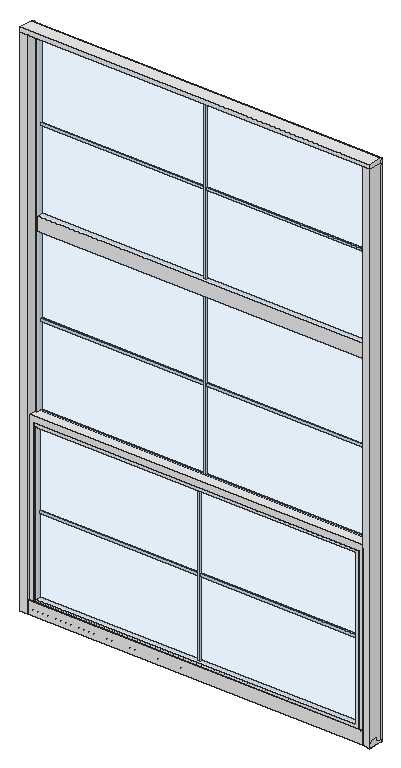
Revit family "Window_Curtain_Wall-Single_Hung-Traco-TR_9103-Heavy_Commercial", category Windows, Revit 2015
Parameters (values of type "TR-9103 - SH/Fixed-Top - Single Glazed")
  Window Width [instance] = if(CTRL Opening Width - Window Right Inset - Window Left Inset < Width Minimum, Width Minimum, if(CTRL Opening Width - Window Right Inset - Window Left Inset > Width Maximum, Width Maximum, CTRL Opening Width - Window Right Inset - Window Left Inset))  # 6' - 8 1/4"
  Window Top Inset [instance] = 0' - 0"
  Window Right Inset [instance] = 0' - 0"
  Window Muntin Type [instance] = Muntin-Grid-Traco-Lites : Interior
  Window Left Inset [instance] = 0' - 0"
  Window Height [instance] = if(CTRL Opening Height - Window Top Inset - Window Bottom Inset < Height Minimum, Height Minimum, if(CTRL Opening Height - Window Bottom Inset - Window Top Inset > Height Maximum, Height Maximum, CTRL Opening Height - Window Top Inset - Window Bottom Inset))  # 10' - 0"
  Window Bottom Inset [instance] = 0' - 0"
  Width Minimum = 2' - 0"
  Width Maximum = 10' - 0"
  Water Resistance = 15.0000 psf
  Uniform Load Structural = 75.0000 psf
  Uniform Load Deflection = 50.0000 psf
  URL = "http://www.alcoa.com/traco/en/home.asp"
  U Factor = ".45 Per NFRC 100"
  Type Comments = "Single Hung 3-Lite Single Glazed"
  Test Size = "60\" X 99\""
  Sill Width = 0' - 3 1/2"
  Show Sill and Head [instance] = yes
  Screen Width [instance] = Window Width - (0' 1 3/4" * 2)  # 6' - 4 3/4"
  Screen Material = Aluminum - Traco - Screen
  Screen Height [instance] = CTRL Sash Bottom Height - (Rail Width / 2) - 0' 0 1/4"  # 3' - 2 3/4"
  Sash Bottom Height [instance] = 1' - 6"
  Rail Width = 0' - 2"
  Product data url = "https://bimobject.com/kawneerna/product/91004"
  Product Page URL = "http://www.alcoa.com/traco/en/product.asp?cat_id=1905&prod_id=4193"
  Product Documentation Link = "http://www.alcoa.com/traco/cad/4193/010_CAD%20Files/010.pdf"
  Model = "TR-9103"
  Manufacturer = "Traco"  # constant formula
  Keynote = "08500"
  Height Minimum = 2' - 0"
  Height Maximum = 10' - 0"
  Head Width = 0' - 1"
  Head Extension Right [instance] = 0' - 0"
  Head Extension Left [instance] = 0' - 0"
  Has Window Screen [instance] = no
  Has Unequal Sash [instance] = no
  Has Muntins = no
  Has Flange Frame [instance] = no
  Glazing Thickness = 0' - 0 1/4"
  Glazing Material = Glass - Traco - Clear
  Frame Material = Aluminum - Traco - Anodized - Gray
  Forced Entry Resistance = "TYPE A: GRADE 10"
  Designation = "AAMA/WDMA/CSA 101/I.S.2/A-440-05: H-AW50 And AAMA/WDMA/CSA 101/I.S.2/A-440-08: AW-PG50-H"
  Description = "Heavy Commercial, Single Hung, Side Load"  # constant formula
  Depth = 0' - 3 1/4"
  Copyright © = "2011 Traco"  # constant formula
  Condensation Resistance = 0.0000 psf
  CTRL Sash Bottom Height [instance] = if(Has Unequal Sash, Sash Bottom Height, Window Height / 3)  # 3' - 4"
  Interior Offset [instance] = 0' - 6"
  CTRL Opening Width [instance] = 6' - 8 1/4"
  CTRL Opening Height [instance] = 10' - 1"
  CTRL Head Right Extension [instance] = if(Has Flange Frame, 0' 0", Head Extension Right)  # 0' - 0"
  CTRL Head Left Extension [instance] = if(Has Flange Frame, 0' 0", Head Extension Left)  # 0' - 0"
  CTRL Flange Width [instance] = if(Has Flange Frame, 0' 2", 0' 0")  # 0' - 0"
  Exterior Offset [instance] = 0' - 6"
  Assembly Code = "B2020110"
  Allowable Air Infiltration Maximum = "0.3 @ 6.2 PSF"
Reference planes (in)
  plane 1 "Front": y = 0
  plane 2 "Original Ref. Plane": z = 0
  plane 3 "Center (Left/Right)": x = 0
  plane 4 "Left": x = -40.125
  plane 5 "Right": x = 40.125
  plane 6 "Top": z = 121
  plane 7 "Window Interior Offset": y = -6
  plane 8 "Window Center F/B": y = 0
  plane 9 "Exterior/Back": y = 1.625
  plane 10 "Interior/Front": y = -1.625
  plane 11 "Window Left": x = -40.125
  plane 12 "Window Right": x = 40.125
  plane 13 "Window Top": z = 120
  plane 14 "Flange Top": z = 120
  plane 15 "Head Bottom": z = 119
  plane 16 "Glass Pocket Bottom": z = 118.437
  plane 17 "Meeting Rail Center T/B": z = 40
  plane 18 "Meeting Rail Top": z = 41
  plane 19 "Meeting Rail Bottom": z = 39
  plane 20 "Top Astragal Center T/B": z = 79.7185
  plane 21 "Bottom Muntin Center T/B": z = 21.25
  plane 22 "Bottom Sash Glass B": z = 3.5
  plane 23 "Sash Frame Bottom": z = 2.937
  plane 24 "Bottom Glass Interior": y = -0.861
  plane 25 "Bottom Glass Exterior": y = -0.611
  plane 26 "Top Glass Exterior": y = 1.098
  plane 27 "Top Glass Interior": y = 0.848
  plane 28 "Frame Left": x = -38.3648
  plane 29 "Frame Right": x = 38.3648
  plane 30 "Flange Bottom": z = 0
  plane 31 "Flange Right": x = 40.125
  plane 32 "Flange Left": x = -40.125
  plane 33 "Flange Thickness": y = 1.5625
  plane 34 "Sill Slope Bottom": z = 0.24
  plane 35 "Sill Slope Top": z = 0.6811
  plane 36 "Sill Top": z = 1.3611
  plane 37 "Bottom Sash Exterior": y = 0.155
  plane 38 "Frame Right Inset": x = 36.75
  plane 39 "Frame Left Inset": x = -36.75
  plane 40 "Bottom Glass Interior Offset": y = -1.361
  plane 41 "Bottom Glass Exterior Offset": y = -0.111
  plane 42 "Top Glass Exterior Offset": y = 1.598
  plane 43 "Top Glass Interior Offset": y = 0.348
  plane 44 "Bottom Glass T": z = 39.563
  plane 45 "Top Glass B": z = 40.437
  plane 46 "Top Frame Right Inset": x = 37.8018
  plane 47 "Top Frame Left Inset": x = -37.8018
  plane 48 "Bottom Frame Right Inset": x = 37.313
  plane 49 "Bottom Frame Left Inset": x = -37.313
  plane 50 "Top Glass Center F/B": y = 0.973
  plane 51 "Bottom Glass Center F/B": y = -0.736
  plane 52 "Sill/Head Left Extension": x = -40.125
  plane 53 "Sill/Head Right Extension": x = 40.125
  plane 54 "Interior/Front Inset": y = -1.5625
  plane 55 "Window Bottom": z = 0
  plane 56 "Middle Muntin Center T/B": z = 60.35925
  plane 57 "Top Muntin Center T/B": z = 99.07775
  plane 58 "Top Astragal Top": z = 81.2185
  plane 59 "Top Astragal Bottom": z = 78.2185
  plane 60 "Window Center (Left/Right)": x = 0
Forms (in)
  Sweep 1, solid, material "Aluminum - Traco - Anodized - Gray" <- "Frame Material"
    path origin (0, 0, 0.125) x (-1, 0, 0) y (0, 0, 1)
      loop
        line (0, -0.125) -> (0, 118.875)
    profile origin (0, 0, 59.5) x (1, 0, 0) y (0, 1, 0)
      loop
        line (-38.3648, -1.625) -> (-38.3648, 1.5625) -> (-40.125, 1.5625) -> (-40.125, -1.625) -> (-38.3648, -1.625)
      loop
        line (38.3648, -1.625) -> (40.125, -1.625) -> (40.125, 1.5625) -> (38.3648, 1.5625) -> (38.3648, -1.625)
  Sweep 2, solid, material "Aluminum - Traco - Anodized - Gray" <- "Frame Material"
    path origin (0, 0, 0) x (-1, 0, 0) y (0, 0, 1)
      loop
        line (-40.125, 0.24) -> (40.125, 0.24)
    profile origin (0, 0, 0.24) x (0, 0, 1) y (0, 1, 0)
      loop
        line (1.1211, -1.5625) -> (1.1211, 0.155) -> (0.4411, 0.155) -> (0.01875, 1.5625) -> (-0.24, 1.5625) -> (-0.24, -1.5625) -> (1.1211, -1.5625)
  Sweep 3, solid, material "Aluminum - Traco - Anodized - Gray" <- "Frame Material"
    path origin (-1.19115, 0, 71.94551) x (-1, 0, 0) y (0, 0, 1)
      loop
        line (-41.31615, 47.05449) -> (38.93385, 47.05449)
    profile origin (0, 0, 119) x (0, 0, 1) y (0, 1, 0)
      loop
        line (0, 1.5625) -> (0, -1.625) -> (1, -1.625) -> (1, 1.5625) -> (0, 1.5625)
  Sweep 4, solid, material "Aluminum - Traco - Anodized - Gray" <- "Frame Material"
    path origin (3.54143, 0, -0.40863) x (1, 0, 0) y (0, 0, 1)
      loop
        line (-3.54143, 0.64863) -> (-3.54143, 119.40863)
    profile origin (0, 0, 59.62) x (-1, 0, 0) y (0, -1, 0)
      loop
        line (38.3648, -1.5625) -> (38.3648, -1.625) -> (40.125, -1.625) -> (40.125, -1.5625) -> (38.3648, -1.5625)
      loop
        line (-38.3648, -1.5625) -> (-40.125, -1.5625) -> (-40.125, -1.625) -> (-38.3648, -1.625) -> (-38.3648, -1.5625)
  Sweep 5, solid, material "Aluminum - Traco - Anodized - Gray" <- "Frame Material", visible <- "Show Sill and Head"
    path origin (-0.2639, 0, -1.58341) x (-1, 0, 0) y (0, 0, 1)
      loop
        line (-40.3889, 1.58341) -> (39.8611, 1.58341)
    profile origin (0, 0, 0) x (0, 0, 1) y (0, 1, 0)
      loop
        line (0, 1.625) -> (0, 1.5625) -> (0.25875, 1.5625) -> (0.24, 1.625) -> (0, 1.625)
  Sweep 6, solid, material "Aluminum - Traco - Anodized - Gray" <- "Frame Material", visible <- "Show Sill and Head"
    path origin (-1.31088, 0, 70.30922) x (-1, 0, 0) y (0, 0, 1)
      loop
        line (-41.43588, 49.69078) -> (38.81412, 49.69078)
    profile origin (0, 0, 120) x (0, 0, 1) y (0, 1, 0)
      loop
        line (-1, 1.625) -> (-1, 1.5625) -> (0, 1.5625) -> (0, 1.625) -> (-1, 1.625)
  Sweep 7, solid, material "Aluminum - Traco - Anodized - Gray" <- "Frame Material"
    path origin (-0.05903, 0, 2.24309) x (-1, 0, 0) y (0, 0, 1)
      loop
        line (-38.42383, 0.69391) -> (38.30577, 0.69391)
    profile origin (0, 0, 2.937) x (0, 0, 1) y (0, 1, 0)
      loop
        line (-1.5759, 0.155) -> (-1.5759, -1.5625) -> (0, -1.5625) -> (0, 0.155) -> (-1.5759, 0.155)
  Sweep 8, solid, material "Aluminum - Traco - Anodized - Gray" <- "Frame Material", detail levels medium+fine
    path origin (0, -1.361, 0) x (-1, 0, 0) y (0, 0, 1)
      loop
        line (-36.75, 3.5) -> (36.75, 3.5) -> (36.75, 39) -> (-36.75, 39) -> (-36.75, 3.5)
    profile origin (0, -1.361, 3.5) x (0, 0, 1) y (0, 1, 0)
      loop
        line (-0.563, 0) -> (0, 0) -> (0, 1.25) -> (-0.563, 1.25) -> (-0.563, 0)
  Extrusion 9, solid, material "Glass - Traco - Clear" <- "Glazing Material"
    sketch origin (0, 0, 0) x (1, 0, 0) y (0, 0, 1)
      loop
        line (38.3648, 39.563) -> (-38.3648, 39.563) -> (-38.3648, 2.937) -> (38.3648, 2.937) -> (38.3648, 39.563)
    from 0.611 to 0.861
  Sweep 10, solid, material "Aluminum - Traco - Anodized - Gray" <- "Frame Material", detail levels medium+fine
    path origin (0, 1.598, 0) x (-1, 0, 0) y (0, 0, 1)
      loop
        line (-37.8018, 41) -> (-37.8018, 118.437) -> (37.8018, 118.437) -> (37.8018, 41)
    profile origin (0, 1.598, 118.437) x (0, 0, 1) y (0, 1, 0)
      loop
        line (0, -1.25) -> (0.563, -1.25) -> (0.563, 0) -> (0, 0) -> (0, -1.25)
  Extrusion 11, solid, material "Glass - Traco - Clear" <- "Glazing Material"
    sketch origin (-3, 0, 39) x (1, 0, 0) y (0, 0, 1)
      loop
        line (41.3648, 80) -> (-35.3648, 80) -> (-35.3648, 2) -> (41.3648, 2) -> (41.3648, 80)
    from -1.098 to -0.848
  Sweep 12, solid, material "Aluminum - Traco - Anodized - Gray" <- "Frame Material"
    path origin (0, 0, 0) x (1, 0, 0) y (0, 0, 1)
      loop
        line (38.3648, 40) -> (-38.3648, 40)
    profile origin (0, 0, 40) x (0, 0, -1) y (0, -1, 0)
      loop
        line (-1, 1.361) -> (-1, -1.598) -> (1, -1.598) -> (1, 0.111) -> (0.437, 0.111) -> (0.437, 1.361) -> (-1, 1.361)
  Sweep 13, solid, material "Aluminum - Traco - Anodized - Gray" <- "Frame Material"
    path origin (0.15765, 0, -0.40863) x (1, 0, 0) y (0, 0, 1)
      loop
        line (-0.15765, 1.76973) -> (-0.15765, 39.97163)
    profile origin (0, 0, 20.46205) x (-1, 0, 0) y (0, -1, 0)
      loop
        line (37.313, 1.361) -> (37.313, -0.155) -> (38.3648, -0.155) -> (38.3648, 1.361) -> (37.313, 1.361)
      loop
        line (-37.313, 1.361) -> (-38.3648, 1.361) -> (-38.3648, -0.155) -> (-37.313, -0.155) -> (-37.313, 1.361)
  Sweep 14, solid, material "Aluminum - Traco - Anodized - Gray" <- "Frame Material"
    path origin (0, 0, -0.00501) x (-1, 0, 0) y (0, 0, 1)
      loop
        line (-38.3648, 2.94201) -> (38.3648, 2.94201)
    profile origin (0, 0, 2.937) x (0, 0, 1) y (0, 1, 0)
      loop
        line (0, -1.625) -> (0, -1.5625) -> (-2.937, -1.5625) -> (-2.937, -1.625) -> (0, -1.625)
  Sweep 15, solid, material "Aluminum - Traco - Anodized - Gray" <- "Frame Material"
    path origin (-14.71042, 0, 16.46689) x (1, 0, 0) y (0, 0, 1)
      loop
        line (52.51222, 63.25161) -> (-23.09138, 63.25161)
    profile origin (0, 0, 79.7185) x (0, 0, -1) y (0, -1, 0)
      loop
        line (-1.5, -0.348) -> (-1.5, -1.598) -> (1.5, -1.598) -> (1.5, -0.348) -> (-1.5, -0.348)
Cuts and joins
  joined: Sweep 7, Sweep 12, Sweep 13
  joined: Sweep 2, Sweep 14
Lines and regions (in)
  Masking region 1
    outline origin (0, 0, 0) x (-1, 0, 0) y (0, 0, 1)
      loop
        line (-40.125, 119) -> (-40.125, 0.24) -> (-38.3648, 0.24) -> (-38.3648, 119) -> (-40.125, 119)
      loop
        line (38.3648, 0.24) -> (40.125, 0.24) -> (40.125, 119) -> (38.3648, 119) -> (38.3648, 0.24)
  Masking region 2, visible <- "Show Sill and Head"
    outline origin (0, 0, 0) x (-1, 0, 0) y (0, 0, 1)
      loop
        line (-40.125, 120) -> (-40.125, 119) -> (40.125, 119) -> (40.125, 120) -> (-40.125, 120)
      loop
        line (40.125, 0) -> (40.125, 0.24) -> (-40.125, 0.24) -> (-40.125, 0) -> (40.125, 0)
  Masking region 3
    outline origin (0, 0, 0) x (-1, 0, 0) y (0, 0, 1)
      loop
        line (-38.3648, 41) -> (-38.3648, 39) -> (38.3648, 39) -> (38.3648, 41) -> (-38.3648, 41)
  Masking region 4
    outline origin (0, -1.361, 0) x (-1, 0, 0) y (0, 0, 1)
      loop
        line (-37.313, 2.937) -> (-37.313, 39.563) -> (-38.3648, 39.563) -> (-38.3648, 2.937) -> (-37.313, 2.937)
      loop
        line (37.313, 2.937) -> (38.3648, 2.937) -> (38.3648, 39.563) -> (37.313, 39.563) -> (37.313, 2.937)
  Masking region 5, detail levels medium+fine
    outline origin (0, -0.861, 0) x (-1, 0, 0) y (0, 0, 1)
      loop
        line (-37.313, 39.563) -> (-37.313, 2.937) -> (37.313, 2.937) -> (37.313, 39.563) -> (-37.313, 39.563)
      loop
        line (-36.75, 39) -> (-36.75, 3.5) -> (36.75, 3.5) -> (36.75, 39) -> (-36.75, 39)
  Masking region 6
    outline origin (0, -1.625, 0) x (-1, 0, 0) y (0, 0, 1)
      loop
        line (-38.3648, 2.937) -> (-38.3648, 0.24) -> (38.3648, 0.24) -> (38.3648, 2.937) -> (-38.3648, 2.937)
  Masking region 7, detail levels medium+fine
    outline origin (0, 1.098, 0) x (-1, 0, 0) y (0, 0, 1)
      loop
        line (-38.3648, 119) -> (-38.3648, 40.437) -> (38.3648, 40.437) -> (38.3648, 119) -> (-38.3648, 119)
      loop
        line (-37.8018, 118.437) -> (-37.8018, 41) -> (37.8018, 41) -> (37.8018, 118.437) -> (-37.8018, 118.437)
  Masking region 8
    outline origin (0, 0.848, 0) x (-1, 0, 0) y (0, 0, 1)
      loop
        line (38.3648, 40.437) -> (38.3648, 119) -> (-38.3648, 119) -> (-38.3648, 40.437) -> (38.3648, 40.437)
  Masking region 9
    outline origin (0, -0.611, 0) x (-1, 0, 0) y (0, 0, 1)
      loop
        line (37.313, 2.937) -> (37.313, 39.563) -> (-37.313, 39.563) -> (-37.313, 2.937) -> (37.313, 2.937)
  Masking region 10
    outline origin (0, 0, 0) x (0, 1, 0) y (0, 0, 1)
      loop
        line (1.625, 0) -> (1.625, 120) -> (-1.625, 120) -> (-1.625, 0) -> (1.625, 0)
  Masking region 11
    outline origin (0, 0, 40) x (1, 0, 0) y (0, 1, 0)
      loop
        line (40.125, -1.625) -> (40.125, 1.625) -> (-40.125, 1.625) -> (-40.125, -1.625) -> (40.125, -1.625)
  Split face 1
    outline origin (38.3648, 1.598, 41) x (-1, 0, 0) y (0, -1, 0)
      loop
        line (76.7296, 0.75) -> (0, 0.75)
      loop
        line (76.7296, 1.25) -> (0, 1.25)
  Masking region 12
    outline origin (1.7602, 0, 38.7185) x (-1, 0, 0) y (0, 0, 1)
      loop
        line (-36.0416, 42.5) -> (-36.0416, 39.5) -> (39.562, 39.5) -> (39.562, 42.5) -> (-36.0416, 42.5)
  symbolic lines, style "WindowsFrameMullionProjection", detail levels medium+fine
    curve 1: line (36.75, -0.611, 39) -> (36.75, -0.611, 3.5)
    curve 2: line (36.75, -0.611, 3.5) -> (-36.75, -0.611, 3.5)
    curve 3: line (-36.75, -0.611, 3.5) -> (-36.75, -0.611, 39)
  symbolic lines, style "WindowsSillHeadProjection"
    curve 4: line (0, -1.625, 120) -> (0, 1.625, 120)
    curve 5: line (0, -1.625, 119) -> (0, -1.625, 120)
    curve 6: line (0, 1.625, 119) -> (0, -1.625, 119)
    curve 7: line (0, 1.625, 120) -> (0, 1.625, 119)
    curve 8: line (0, -1.625, 2.937) -> (0, 0.155, 2.937)
    curve 9: line (0, 0.155, 2.937) -> (0, 0.155, 0.6811)
    curve 10: line (0, 0.155, 0.6811) -> (0, 1.625, 0.24)
    curve 11: line (0, 1.625, 0.24) -> (0, 1.625, 0)
    curve 12: line (0, 1.625, 0) -> (0, -1.625, 0)
    curve 13: line (0, -1.625, 0) -> (0, -1.625, 2.937)
  symbolic lines, style "WindowsGlassProjection", detail levels medium+fine
    curve 14: line (0, 0.848, 119) -> (0, 0.848, 81.2185)
    curve 15: line (0, 1.098, 119) -> (0, 1.098, 81.2185)
    curve 16: line (0, -0.861, 39.563) -> (0, -0.861, 2.937)
    curve 17: line (0, -0.611, 39.563) -> (0, -0.611, 2.937)
    curve 52: line (38.3648, 1.098, 40) -> (-38.3648, 1.098, 40)
    curve 53: line (-38.3648, 0.848, 40) -> (38.3648, 0.848, 40)
    curve 55: line (37.313, -0.611, 40) -> (-37.313, -0.611, 40)
    curve 56: line (-37.313, -0.861, 40) -> (37.313, -0.861, 40)
    curve 85: line (0, 0.848, 78.2185) -> (0, 0.848, 40.437)
    curve 87: line (0, 1.098, 78.2185) -> (0, 1.098, 40.437)
  symbolic lines, style "WindowsGlassProjection", detail levels coarse
    curve 18: line (0, 0.973, 119) -> (0, 0.973, 81.2185)
    curve 19: line (0, -0.736, 39.563) -> (0, -0.736, 2.937)
    curve 54: line (-38.3648, 0.973, 40) -> (38.3648, 0.973, 40)
    curve 57: line (-37.313, -0.736, 40) -> (37.313, -0.736, 40)
    curve 86: line (0, 0.973, 78.2185) -> (0, 0.973, 40.437)
  symbolic lines, style "WindowsFrameMullionProjection", detail levels fine
    curve 20: line (0, -1.361, 39.563) -> (0, -1.361, 39)
    curve 21: line (0, -1.361, 39) -> (0, -0.861, 39)
    curve 22: line (0, -0.611, 39) -> (0, -0.111, 39)
    curve 23: line (0, -0.111, 39) -> (0, -0.111, 39.563)
    curve 24: line (0, 0.348, 40.437) -> (0, 0.348, 41)
    curve 25: line (0, 0.348, 41) -> (0, 0.848, 41)
    curve 26: line (0, 1.098, 41) -> (0, 1.598, 41)
    curve 27: line (0, 1.598, 41) -> (0, 1.598, 40.437)
    curve 28: line (0, 0.348, 119) -> (0, 0.348, 118.437)
    curve 29: line (0, 0.348, 118.437) -> (0, 0.848, 118.437)
    curve 30: line (0, 1.098, 118.437) -> (0, 1.598, 118.437)
    curve 31: line (0, 1.598, 118.437) -> (0, 1.598, 119)
    curve 32: line (0, -1.361, 2.937) -> (0, -1.361, 3.5)
    curve 33: line (0, -1.361, 3.5) -> (0, -0.861, 3.5)
    curve 34: line (0, -0.611, 3.5) -> (0, -0.111, 3.5)
    curve 35: line (0, -0.111, 3.5) -> (0, -0.111, 2.937)
    curve 58: line (-38.3648, 1.598, 40) -> (-37.8018, 1.598, 40)
    curve 59: line (-37.8018, 1.598, 40) -> (-37.8018, 1.098, 40)
    curve 60: line (-38.3648, 0.348, 40) -> (-37.8018, 0.348, 40)
    curve 61: line (-37.8018, 0.348, 40) -> (-37.8018, 0.848, 40)
    curve 62: line (38.3648, 0.348, 40) -> (37.8018, 0.348, 40)
    curve 63: line (37.8018, 0.348, 40) -> (37.8018, 0.848, 40)
    curve 64: line (38.3648, 1.598, 40) -> (37.8018, 1.598, 40)
    curve 65: line (37.8018, 1.598, 40) -> (37.8018, 1.098, 40)
    curve 70: line (-37.313, -0.111, 40) -> (-36.75, -0.111, 40)
    curve 71: line (-36.75, -0.111, 40) -> (-36.75, -0.611, 40)
    curve 72: line (-37.313, -1.361, 40) -> (-36.75, -1.361, 40)
    curve 73: line (-36.75, -1.361, 40) -> (-36.75, -0.861, 40)
    curve 78: line (37.313, -0.111, 40) -> (36.75, -0.111, 40)
    curve 79: line (36.75, -0.111, 40) -> (36.75, -0.611, 40)
    curve 80: line (37.313, -1.361, 40) -> (36.75, -1.361, 40)
    curve 81: line (36.75, -1.361, 40) -> (36.75, -0.861, 40)
  symbolic lines, style "WindowsFrameMullionProjection"
    curve 36: line (0, -1.361, 41) -> (0, 0.348, 41)
    curve 37: line (0, 0.348, 41) -> (0, 0.348, 40.437)
    curve 38: line (0, 0.348, 40.437) -> (0, 1.598, 40.437)
    curve 39: line (0, 1.598, 40.437) -> (0, 1.598, 39)
    curve 40: line (0, 1.598, 39) -> (0, -0.111, 39)
    curve 41: line (0, -0.111, 39) -> (0, -0.111, 39.563)
    curve 42: line (0, -0.111, 39.563) -> (0, -1.361, 39.563)
    curve 43: line (0, -1.361, 39.563) -> (0, -1.361, 41)
    curve 44: line (-38.3648, -1.625, 40) -> (-40.125, -1.625, 40)
    curve 45: line (-38.3648, 1.625, 40) -> (-38.3648, -1.625, 40)
    curve 46: line (-40.125, 1.625, 40) -> (-38.3648, 1.625, 40)
    curve 47: line (-40.125, -1.625, 40) -> (-40.125, 1.625, 40)
    curve 48: line (40.125, -1.625, 40) -> (38.3648, -1.625, 40)
    curve 49: line (40.125, 1.625, 40) -> (40.125, -1.625, 40)
    curve 50: line (38.3648, 1.625, 40) -> (40.125, 1.625, 40)
    curve 51: line (38.3648, -1.625, 40) -> (38.3648, 1.625, 40)
    curve 66: line (-37.313, -1.361, 40) -> (-38.3648, -1.361, 40)
    curve 67: line (-37.313, 0, 40) -> (-37.313, -1.361, 40)
    curve 68: line (-38.3648, 0, 40) -> (-37.313, 0, 40)
    curve 69: line (-38.3648, -1.361, 40) -> (-38.3648, 0, 40)
    curve 74: line (37.313, -1.361, 40) -> (38.3648, -1.361, 40)
    curve 75: line (37.313, 0, 40) -> (37.313, -1.361, 40)
    curve 76: line (38.3648, 0, 40) -> (37.313, 0, 40)
    curve 77: line (38.3648, -1.361, 40) -> (38.3648, 0, 40)
    curve 88: line (0, 0.348, 81.2185) -> (0, 1.598, 81.2185)
    curve 89: line (0, 0.348, 78.2185) -> (0, 1.598, 78.2185)
    curve 90: line (0, 1.598, 81.2185) -> (0, 1.598, 78.2185)
    curve 91: line (0, 0.348, 81.2185) -> (0, 0.348, 78.2185)
  symbolic lines, style "Windows", detail levels fine
    curve 82: line (0, 0, 16.375) -> (0, 0, 26.125)
    curve 83: line (0, 0, 26.125) -> (1, 0, 24.39295)
    curve 84: line (0, 0, 26.125) -> (-1, 0, 24.39295)
Text (in)
  text "Exterior" at (-54.29358, 31.38743, 0), in view "Ref. Level"
  text "Exterior" at (480, 41.53993, 89.60405), in view "Right"
  text "Exterior" at (-240, 57.82419, 105.78864), in view "Left"
Dimensions and locks (in)
  equal spacing: plane 4 "Left", plane 3 "Center (Left/Right)", plane 5 "Right"
  "Interior Offset": plane 7 "Window Interior Offset" to plane 1 "Front"
  "Exterior Offset": plane 8 "Window Center F/B" to plane 7 "Window Interior Offset"
  equal spacing: plane 9 "Exterior/Back", plane 8 "Window Center F/B", plane 10 "Interior/Front"
  "Depth": plane 9 "Exterior/Back" to plane 10 "Interior/Front"
  "Head Width": plane 15 "Head Bottom" to plane 13 "Window Top"
  locked: plane 16 "Glass Pocket Bottom" to plane 15 "Head Bottom" at 0.563
  equal spacing: plane 19 "Meeting Rail Bottom", plane 17 "Meeting Rail Center T/B", plane 18 "Meeting Rail Top"
  equal spacing: plane 18 "Meeting Rail Top", plane 20 "Top Astragal Center T/B", plane 16 "Glass Pocket Bottom"
  "Glazing Thickness": plane 24 "Bottom Glass Interior" to plane 25 "Bottom Glass Exterior"
  "Glazing Thickness": plane 27 "Top Glass Interior" to plane 26 "Top Glass Exterior"
  "Rail Width": plane 19 "Meeting Rail Bottom" to plane 18 "Meeting Rail Top"
  locked: plane 29 "Frame Right" to plane 12 "Window Right" at 1.7602
  locked: plane 11 "Window Left" to plane 28 "Frame Left" at 1.7602
  "CTRL Flange Width": plane 12 "Window Right" to plane 31 "Flange Right"
  "CTRL Flange Width": plane 32 "Flange Left" to plane 11 "Window Left"
  "CTRL Flange Width": plane 30 "Flange Bottom" to plane 55 "Window Bottom"
  locked: plane 9 "Exterior/Back" to plane 33 "Flange Thickness" at 0.0625
  locked: plane 55 "Window Bottom" to plane 34 "Sill Slope Bottom" at 0.24
  locked: plane 34 "Sill Slope Bottom" to plane 35 "Sill Slope Top" at 0.4411
  locked: plane 35 "Sill Slope Top" to plane 36 "Sill Top" at 0.68
  "Sill Width": plane 55 "Window Bottom" to plane 22 "Bottom Sash Glass B"
  locked: plane 38 "Frame Right Inset" to plane 12 "Window Right" at 3.375
  locked: plane 11 "Window Left" to plane 39 "Frame Left Inset" at 3.375
  locked: plane 23 "Sash Frame Bottom" to plane 22 "Bottom Sash Glass B" at 0.563
  locked: plane 44 "Bottom Glass T" to plane 19 "Meeting Rail Bottom" at 0.563
  locked: plane 18 "Meeting Rail Top" to plane 45 "Top Glass B" at 0.563
  locked: plane 46 "Top Frame Right Inset" to plane 29 "Frame Right" at 0.563
  locked: plane 28 "Frame Left" to plane 47 "Top Frame Left Inset" at 0.563
  "CTRL Sash Bottom Height": plane 55 "Window Bottom" to plane 17 "Meeting Rail Center T/B"
  equal spacing: plane 22 "Bottom Sash Glass B", plane 21 "Bottom Muntin Center T/B", plane 19 "Meeting Rail Bottom"
  locked: plane 38 "Frame Right Inset" to plane 48 "Bottom Frame Right Inset" at 0.563
  locked: plane 49 "Bottom Frame Left Inset" to plane 39 "Frame Left Inset" at 0.563
  locked: plane 10 "Interior/Front" to plane 51 "Bottom Glass Center F/B" at 0.889
  locked: plane 50 "Top Glass Center F/B" to plane 9 "Exterior/Back" at 0.652
  equal spacing: plane 27 "Top Glass Interior", plane 50 "Top Glass Center F/B", plane 26 "Top Glass Exterior"
  equal spacing: plane 24 "Bottom Glass Interior", plane 51 "Bottom Glass Center F/B", plane 25 "Bottom Glass Exterior"
  plane 40 "Bottom Glass Interior Offset" to plane 51 "Bottom Glass Center F/B" to plane 41 "Bottom Glass Exterior Offset" = 0' - 0 5/8" locked, 0' - 0 5/8" locked
  plane 43 "Top Glass Interior Offset" to plane 50 "Top Glass Center F/B" to plane 42 "Top Glass Exterior Offset" = 0' - 0 5/8" locked, 0' - 0 5/8" locked
  locked: plane 10 "Interior/Front" to plane 37 "Bottom Sash Exterior" at 1.78
  "CTRL Head Right Extension": plane 31 "Flange Right" to plane 53 "Sill/Head Right Extension"
  "CTRL Head Left Extension": plane 52 "Sill/Head Left Extension" to plane 32 "Flange Left"
  locked: plane 10 "Interior/Front" to plane 54 "Interior/Front Inset" at 0.0625
  "Window Right Inset": plane 12 "Window Right" to plane 5 "Right"
  "Window Bottom Inset": plane 2 "Original Ref. Plane" to plane 55 "Window Bottom"
  "CTRL Flange Width": plane 13 "Window Top" to plane 14 "Flange Top"
  "CTRL Opening Height": plane 2 "Original Ref. Plane" to plane 6 "Top"
  "CTRL Opening Width": plane 4 "Left" to plane 5 "Right"
  equal spacing: plane 20 "Top Astragal Center T/B", plane 57 "Top Muntin Center T/B", plane 16 "Glass Pocket Bottom"
  equal spacing: plane 18 "Meeting Rail Top", plane 56 "Middle Muntin Center T/B", plane 20 "Top Astragal Center T/B"
  plane 59 "Top Astragal Bottom" to plane 20 "Top Astragal Center T/B" to plane 58 "Top Astragal Top" = 0' - 1 1/2" locked, 0' - 1 1/2" locked
  "Window Height": plane 55 "Window Bottom" to plane 13 "Window Top"
  "Window Width": plane 11 "Window Left" to plane 12 "Window Right"
  equal spacing: plane 11 "Window Left", plane 60 "Window Center (Left/Right)", plane 12 "Window Right"
  curve 82 to plane 21 "Bottom Muntin Center T/B" to curve 82 = 0' - 4 7/8" locked, 0' - 4 7/8" locked
  aligned and locked: level to plane 2 "Original Ref. Plane"
  aligned and locked: Sweep 1 sketch curve to plane 3 "Center (Left/Right)"
  aligned: plane 15 "Head Bottom" to Sweep 1 sketch curve
  aligned and locked: plane 33 "Flange Thickness" to Sweep 1 sketch curve
  aligned and locked: plane 11 "Window Left" to Sweep 1 sketch curve
  aligned and locked: Sweep 1 sketch curve to plane 28 "Frame Left"
  aligned and locked: Sweep 1 sketch curve to plane 10 "Interior/Front"
  aligned and locked: plane 12 "Window Right" to Sweep 1 sketch curve
  aligned and locked: Sweep 1 sketch curve to plane 29 "Frame Right"
  aligned and locked: plane 10 "Interior/Front" to Sweep 1 sketch curve
  aligned and locked: Sweep 1 sketch curve to plane 33 "Flange Thickness"
  aligned and locked: Sweep 2 sketch curve to plane 34 "Sill Slope Bottom"
  aligned and locked: plane 11 "Window Left" to Sweep 2 sketch curve
  aligned and locked: plane 12 "Window Right" to Sweep 2 sketch curve
  aligned and locked: plane 37 "Bottom Sash Exterior" to Sweep 2 sketch curve
  aligned and locked: plane 36 "Sill Top" to Sweep 2 sketch curve
  aligned and locked: Sweep 2 sketch curve to plane 35 "Sill Slope Top"
  aligned and locked: plane 11 "Window Left" to Sweep 3 sketch curve
  aligned and locked: plane 12 "Window Right" to Sweep 3 sketch curve
  aligned and locked: Sweep 3 sketch curve to plane 15 "Head Bottom"
  aligned and locked: plane 10 "Interior/Front" to Sweep 3 sketch curve
  aligned and locked: plane 15 "Head Bottom" to Sweep 3 sketch curve
  aligned and locked: Sweep 3 sketch curve to plane 33 "Flange Thickness"
  aligned and locked: Sweep 4 sketch curve to plane 3 "Center (Left/Right)"
  aligned and locked: plane 34 "Sill Slope Bottom" to Sweep 4 sketch curve
  aligned and locked: plane 9 "Exterior/Back" to Sweep 4 sketch curve
  aligned and locked: plane 29 "Frame Right" to Sweep 4 sketch curve
  aligned and locked: Sweep 4 sketch curve to plane 33 "Flange Thickness"
  aligned and locked: Sweep 4 sketch curve to plane 9 "Exterior/Back"
  aligned and locked: plane 33 "Flange Thickness" to Sweep 4 sketch curve
  aligned and locked: plane 28 "Frame Left" to Sweep 4 sketch curve
  aligned and locked: plane 15 "Head Bottom" to Sweep 4 sketch curve
  aligned and locked: Sweep 4 sketch curve to plane 32 "Flange Left"
  aligned and locked: Sweep 4 sketch curve to plane 31 "Flange Right"
  aligned and locked: Sweep 2 sketch curve to plane 33 "Flange Thickness"
  aligned and locked: Sweep 5 sketch curve to plane 30 "Flange Bottom"
  aligned and locked: Sweep 5 sketch curve to Sweep 2
  aligned and locked: plane 34 "Sill Slope Bottom" to Sweep 5 sketch curve
  aligned and locked: plane 33 "Flange Thickness" to Sweep 5 sketch curve  (x2)
  aligned and locked: Sweep 5 sketch curve to plane 9 "Exterior/Back"
  aligned and locked: plane 30 "Flange Bottom" to Sweep 5 sketch curve
  aligned and locked: Sweep 6 sketch curve to plane 14 "Flange Top"  (x2)
  aligned and locked: Sweep 6 sketch curve to plane 9 "Exterior/Back"
  aligned and locked: plane 15 "Head Bottom" to Sweep 6 sketch curve
  aligned and locked: plane 33 "Flange Thickness" to Sweep 6 sketch curve
  aligned and locked: Sweep 7 sketch curve to plane 23 "Sash Frame Bottom"  (x2)
  aligned and locked: Sweep 7 sketch curve to plane 37 "Bottom Sash Exterior"
  aligned and locked: plane 36 "Sill Top" to Sweep 7 sketch curve
  aligned and locked: Sweep 8 sketch curve to plane 22 "Bottom Sash Glass B"  (x2)
  aligned and locked: Sweep 8 sketch curve to plane 41 "Bottom Glass Exterior Offset"
  aligned and locked: plane 23 "Sash Frame Bottom" to Sweep 8 sketch curve
  aligned and locked: plane 40 "Bottom Glass Interior Offset" to Sweep 8 sketch curve
  aligned and locked: plane 23 "Sash Frame Bottom" to Extrusion 9 sketch curve
  aligned and locked: Extrusion 9 sketch curve to plane 28 "Frame Left"
  aligned and locked: plane 29 "Frame Right" to Extrusion 9 sketch curve
  aligned and locked: Extrusion 9 to plane 24 "Bottom Glass Interior"
  aligned and locked: plane 25 "Bottom Glass Exterior" to Extrusion 9
  aligned and locked: Sweep 8 sketch curve to plane 38 "Frame Right Inset"
  aligned and locked: plane 39 "Frame Left Inset" to Sweep 8 sketch curve
  aligned and locked: plane 19 "Meeting Rail Bottom" to Sweep 8 sketch curve
  aligned and locked: Sweep 8 to Extrusion 9
  aligned and locked: Sweep 10 sketch curve to plane 16 "Glass Pocket Bottom"  (x2)
  aligned and locked: plane 15 "Head Bottom" to Sweep 10 sketch curve
  aligned and locked: profile plane to Sweep 10 sketch curve
  aligned and locked: Sweep 10 sketch curve to plane 43 "Top Glass Interior Offset"
  aligned and locked: Extrusion 11 sketch curve to plane 15 "Head Bottom"
  aligned and locked: Extrusion 11 sketch curve to plane 28 "Frame Left"
  aligned and locked: plane 29 "Frame Right" to Extrusion 11 sketch curve
  aligned and locked: plane 26 "Top Glass Exterior" to Extrusion 11
  aligned and locked: Extrusion 11 to plane 27 "Top Glass Interior"
  aligned and locked: plane 28 "Frame Left" to Sweep 12 sketch curve
  aligned and locked: plane 29 "Frame Right" to Sweep 12 sketch curve
  aligned and locked: Sweep 12 sketch curve to plane 17 "Meeting Rail Center T/B"
  aligned and locked: plane 40 "Bottom Glass Interior Offset" to Sweep 12 sketch curve
  aligned and locked: Sweep 12 sketch curve to plane 18 "Meeting Rail Top"
  aligned and locked: Sweep 12 sketch curve to plane 42 "Top Glass Exterior Offset"
  aligned and locked: plane 19 "Meeting Rail Bottom" to Sweep 12 sketch curve
  aligned and locked: plane 41 "Bottom Glass Exterior Offset" to Sweep 12 sketch curve
  aligned and locked: plane 44 "Bottom Glass T" to Sweep 12 sketch curve
  aligned and locked: plane 46 "Top Frame Right Inset" to Sweep 10 sketch curve
  aligned and locked: Sweep 10 sketch curve to plane 47 "Top Frame Left Inset"
  aligned and locked: plane 36 "Sill Top" to Sweep 13 sketch curve
  aligned and locked: Sweep 13 sketch curve to plane 3 "Center (Left/Right)"
  aligned and locked: plane 40 "Bottom Glass Interior Offset" to Sweep 13 sketch curve
  aligned and locked: Sweep 13 sketch curve to Sweep 8  (x2)
  aligned and locked: Sweep 13 sketch curve to plane 28 "Frame Left"
  aligned and locked: Sweep 13 sketch curve to plane 40 "Bottom Glass Interior Offset"
  aligned and locked: Sweep 13 sketch curve to plane 29 "Frame Right"
  aligned and locked: plane 44 "Bottom Glass T" to Sweep 13 sketch curve
  aligned and locked: plane 15 "Head Bottom" to Masking region 1 sketch curve
  aligned and locked: plane 32 "Flange Left" to Masking region 1 sketch curve
  aligned and locked: Masking region 1 sketch curve to plane 28 "Frame Left"
  aligned and locked: Masking region 1 sketch curve to plane 34 "Sill Slope Bottom"
  aligned and locked: plane 34 "Sill Slope Bottom" to Masking region 1 sketch curve
  aligned and locked: Masking region 1 sketch curve to plane 29 "Frame Right"
  aligned and locked: plane 31 "Flange Right" to Masking region 1 sketch curve
  aligned and locked: Masking region 1 sketch curve to plane 15 "Head Bottom"
  aligned and locked: Masking region 2 sketch curve to plane 14 "Flange Top"
  aligned and locked: plane 15 "Head Bottom" to Masking region 2 sketch curve
  aligned and locked: Masking region 2 sketch curve to plane 34 "Sill Slope Bottom"
  aligned and locked: plane 30 "Flange Bottom" to Masking region 2 sketch curve
  aligned and locked: Masking region 3 sketch curve to plane 18 "Meeting Rail Top"
  aligned and locked: Masking region 3 sketch curve to plane 28 "Frame Left"
  aligned and locked: plane 29 "Frame Right" to Masking region 3 sketch curve
  aligned and locked: plane 19 "Meeting Rail Bottom" to Masking region 3 sketch curve
  aligned and locked: Masking region 4 sketch curve to plane 44 "Bottom Glass T"
  aligned and locked: plane 29 "Frame Right" to Masking region 4 sketch curve
  aligned and locked: Masking region 4 sketch curve to plane 48 "Bottom Frame Right Inset"
  aligned and locked: plane 44 "Bottom Glass T" to Masking region 4 sketch curve
  aligned and locked: Masking region 4 sketch curve to plane 49 "Bottom Frame Left Inset"
  aligned and locked: plane 28 "Frame Left" to Masking region 4 sketch curve
  aligned and locked: plane 23 "Sash Frame Bottom" to Masking region 5 sketch curve
  aligned and locked: Masking region 5 sketch curve to plane 49 "Bottom Frame Left Inset"
  aligned and locked: plane 48 "Bottom Frame Right Inset" to Masking region 5 sketch curve
  aligned and locked: Masking region 5 sketch curve to plane 44 "Bottom Glass T"
  aligned and locked: plane 22 "Bottom Sash Glass B" to Masking region 5 sketch curve
  aligned and locked: Masking region 5 sketch curve to plane 39 "Frame Left Inset"
  aligned and locked: plane 38 "Frame Right Inset" to Masking region 5 sketch curve
  aligned and locked: Masking region 5 sketch curve to plane 19 "Meeting Rail Bottom"
  aligned and locked: plane 29 "Frame Right" to Sweep 7 sketch curve
  aligned and locked: plane 28 "Frame Left" to Sweep 7 sketch curve
  aligned and locked: plane 34 "Sill Slope Bottom" to Masking region 6 sketch curve
  aligned and locked: Masking region 6 sketch curve to plane 23 "Sash Frame Bottom"
  aligned and locked: plane 29 "Frame Right" to Masking region 6 sketch curve
  aligned and locked: Masking region 7 sketch curve to plane 15 "Head Bottom"
  aligned and locked: plane 29 "Frame Right" to Masking region 7 sketch curve
  aligned and locked: plane 46 "Top Frame Right Inset" to Masking region 7 sketch curve
  aligned and locked: Masking region 7 sketch curve to plane 16 "Glass Pocket Bottom"
  aligned and locked: Masking region 7 sketch curve to plane 28 "Frame Left"
  aligned and locked: Masking region 7 sketch curve to plane 47 "Top Frame Left Inset"
  aligned and locked: plane 45 "Top Glass B" to Masking region 7 sketch curve
  aligned and locked: plane 18 "Meeting Rail Top" to Masking region 7 sketch curve
  aligned and locked: Masking region 6 sketch curve to plane 28 "Frame Left"
  aligned and locked: plane 23 "Sash Frame Bottom" to Masking region 4 sketch curve
  aligned and locked: Masking region 4 sketch curve to plane 23 "Sash Frame Bottom"
  aligned and locked: Masking region 8 sketch curve to plane 15 "Head Bottom"
  aligned and locked: plane 29 "Frame Right" to Masking region 8 sketch curve
  aligned and locked: plane 45 "Top Glass B" to Masking region 8 sketch curve
  aligned and locked: Masking region 8 sketch curve to plane 28 "Frame Left"
  aligned and locked: Masking region 9 sketch curve to plane 44 "Bottom Glass T"
  aligned and locked: plane 48 "Bottom Frame Right Inset" to Masking region 9 sketch curve
  aligned and locked: Masking region 9 sketch curve to plane 49 "Bottom Frame Left Inset"
  aligned and locked: plane 23 "Sash Frame Bottom" to Masking region 9 sketch curve
  aligned and locked: plane 19 "Meeting Rail Bottom" to curve 1
  aligned and locked: plane 19 "Meeting Rail Bottom" to curve 3
  aligned and locked: curve 2 to plane 22 "Bottom Sash Glass B"
  aligned and locked: plane 39 "Frame Left Inset" to curve 3
  aligned and locked: curve 1 to plane 38 "Frame Right Inset"
  aligned and locked: Masking region 10 sketch curve to plane 13 "Window Top"
  aligned and locked: Masking region 10 sketch curve to plane 9 "Exterior/Back"
  aligned and locked: plane 10 "Interior/Front" to Masking region 10 sketch curve
  aligned and locked: curve 11 to plane 9 "Exterior/Back"
  aligned and locked: plane 30 "Flange Bottom" to curve 11
  aligned and locked: plane 34 "Sill Slope Bottom" to curve 11
  aligned and locked: plane 35 "Sill Slope Top" to curve 10
  aligned and locked: curve 9 to plane 37 "Bottom Sash Exterior"
  aligned and locked: plane 10 "Interior/Front" to curve 13
  aligned and locked: curve 8 to plane 23 "Sash Frame Bottom"
  aligned and locked: curve 7 to plane 9 "Exterior/Back"
  aligned and locked: plane 10 "Interior/Front" to curve 5
  aligned and locked: plane 14 "Flange Top" to curve 7
  aligned and locked: curve 16 to plane 24 "Bottom Glass Interior"
  aligned and locked: curve 17 to plane 25 "Bottom Glass Exterior"
  aligned and locked: plane 44 "Bottom Glass T" to curve 17
  aligned and locked: plane 45 "Top Glass B" to curve 85
  aligned and locked: plane 15 "Head Bottom" to curve 15
  aligned and locked: curve 18 to plane 50 "Top Glass Center F/B"
  aligned and locked: curve 19 to plane 51 "Bottom Glass Center F/B"
  aligned and locked: plane 44 "Bottom Glass T" to curve 23
  aligned and locked: plane 24 "Bottom Glass Interior" to curve 21
  aligned and locked: curve 21 to plane 19 "Meeting Rail Bottom"
  aligned and locked: curve 22 to plane 19 "Meeting Rail Bottom"
  aligned and locked: curve 27 to plane 42 "Top Glass Exterior Offset"
  aligned and locked: plane 27 "Top Glass Interior" to curve 25
  aligned and locked: plane 26 "Top Glass Exterior" to curve 26
  aligned and locked: curve 26 to plane 18 "Meeting Rail Top"
  aligned and locked: plane 43 "Top Glass Interior Offset" to curve 24
  aligned and locked: curve 25 to plane 18 "Meeting Rail Top"
  aligned and locked: plane 15 "Head Bottom" to curve 31
  aligned and locked: plane 42 "Top Glass Exterior Offset" to curve 31
  aligned and locked: plane 26 "Top Glass Exterior" to curve 30
  aligned and locked: curve 30 to plane 16 "Glass Pocket Bottom"
  aligned and locked: plane 27 "Top Glass Interior" to curve 29
  aligned and locked: curve 28 to plane 43 "Top Glass Interior Offset"
  aligned and locked: curve 29 to plane 16 "Glass Pocket Bottom"
  aligned and locked: plane 23 "Sash Frame Bottom" to curve 32
  aligned and locked: curve 35 to plane 41 "Bottom Glass Exterior Offset"
  aligned and locked: plane 25 "Bottom Glass Exterior" to curve 34
  aligned and locked: curve 34 to plane 22 "Bottom Sash Glass B"
  aligned and locked: plane 40 "Bottom Glass Interior Offset" to curve 32
  aligned and locked: curve 33 to plane 22 "Bottom Sash Glass B"
  aligned and locked: curve 36 to plane 18 "Meeting Rail Top"
  aligned and locked: plane 40 "Bottom Glass Interior Offset" to curve 43
  aligned and locked: plane 41 "Bottom Glass Exterior Offset" to curve 41
  aligned and locked: plane 19 "Meeting Rail Bottom" to curve 40
  aligned and locked: curve 39 to plane 42 "Top Glass Exterior Offset"
  aligned and locked: curve 38 to plane 45 "Top Glass B"
  aligned and locked: curve 37 to plane 43 "Top Glass Interior Offset"
  aligned and locked: Masking region 11 sketch curve to plane 11 "Window Left"
  aligned and locked: plane 10 "Interior/Front" to Masking region 11 sketch curve
  aligned and locked: Masking region 11 sketch curve to plane 9 "Exterior/Back"
  aligned and locked: plane 12 "Window Right" to Masking region 11 sketch curve
  aligned and locked: plane 10 "Interior/Front" to curve 44
  aligned and locked: plane 28 "Frame Left" to curve 45
  aligned and locked: plane 32 "Flange Left" to curve 46
  aligned and locked: curve 46 to plane 9 "Exterior/Back"
  aligned and locked: curve 51 to plane 29 "Frame Right"
  aligned and locked: plane 10 "Interior/Front" to curve 48
  aligned and locked: plane 31 "Flange Right" to curve 50
  aligned and locked: curve 50 to plane 9 "Exterior/Back"
  aligned and locked: curve 54 to plane 50 "Top Glass Center F/B"
  aligned and locked: curve 56 to plane 24 "Bottom Glass Interior"
  aligned and locked: curve 57 to plane 51 "Bottom Glass Center F/B"
  aligned and locked: plane 25 "Bottom Glass Exterior" to curve 55
  aligned and locked: plane 26 "Top Glass Exterior" to curve 59
  aligned and locked: curve 58 to plane 42 "Top Glass Exterior Offset"
  aligned and locked: plane 28 "Frame Left" to curve 58
  aligned and locked: plane 47 "Top Frame Left Inset" to curve 59
  aligned and locked: plane 27 "Top Glass Interior" to curve 61
  aligned and locked: curve 60 to plane 43 "Top Glass Interior Offset"
  aligned and locked: curve 61 to plane 47 "Top Frame Left Inset"
  aligned and locked: plane 29 "Frame Right" to curve 64
  aligned and locked: plane 43 "Top Glass Interior Offset" to curve 62
  aligned and locked: plane 26 "Top Glass Exterior" to curve 65
  aligned and locked: plane 42 "Top Glass Exterior Offset" to curve 64
  aligned and locked: plane 46 "Top Frame Right Inset" to curve 65
  aligned and locked: plane 27 "Top Glass Interior" to curve 63
  aligned and locked: curve 63 to plane 46 "Top Frame Right Inset"
  aligned and locked: curve 68 to plane 8 "Window Center F/B"
  aligned and locked: curve 69 to plane 28 "Frame Left"
  aligned and locked: plane 49 "Bottom Frame Left Inset" to curve 67
  aligned and locked: plane 49 "Bottom Frame Left Inset" to curve 72
  aligned and locked: plane 24 "Bottom Glass Interior" to curve 73
  aligned and locked: plane 25 "Bottom Glass Exterior" to curve 71
  aligned and locked: curve 70 to plane 41 "Bottom Glass Exterior Offset"
  aligned and locked: curve 72 to plane 40 "Bottom Glass Interior Offset"
  aligned and locked: curve 73 to plane 39 "Frame Left Inset"
  aligned and locked: plane 39 "Frame Left Inset" to curve 71
  aligned and locked: plane 48 "Bottom Frame Right Inset" to curve 75
  aligned and locked: curve 77 to plane 29 "Frame Right"
  aligned and locked: curve 74 to plane 40 "Bottom Glass Interior Offset"
  aligned and locked: plane 38 "Frame Right Inset" to curve 79
  aligned and locked: plane 41 "Bottom Glass Exterior Offset" to curve 78
  aligned and locked: curve 81 to plane 38 "Frame Right Inset"
  aligned and locked: Masking region 2 sketch curve to plane 52 "Sill/Head Left Extension"  (x2)
  aligned and locked: plane 53 "Sill/Head Right Extension" to Masking region 2 sketch curve  (x2)
  aligned and locked: plane 53 "Sill/Head Right Extension" to Sweep 6 sketch curve
  aligned and locked: plane 52 "Sill/Head Left Extension" to Sweep 6 sketch curve
  aligned and locked: plane 53 "Sill/Head Right Extension" to Sweep 5 sketch curve
  aligned and locked: plane 52 "Sill/Head Left Extension" to Sweep 5 sketch curve
  aligned: plane 2 "Original Ref. Plane" to Sweep 1 sketch curve
  aligned and locked: plane 54 "Interior/Front Inset" to Sweep 2 sketch curve
  aligned and locked: Sweep 7 sketch curve to plane 54 "Interior/Front Inset"
  aligned and locked: plane 29 "Frame Right" to Sweep 14 sketch curve
  aligned and locked: plane 28 "Frame Left" to Sweep 14 sketch curve
  aligned and locked: Sweep 14 sketch curve to plane 23 "Sash Frame Bottom"  (x2)
  aligned and locked: Sweep 14 sketch curve to plane 54 "Interior/Front Inset"
  aligned and locked: plane 10 "Interior/Front" to Sweep 14 sketch curve
  aligned and locked: plane 37 "Bottom Sash Exterior" to Sweep 13 sketch curve
  aligned and locked: Sweep 13 sketch curve to plane 37 "Bottom Sash Exterior"
  aligned and locked: Extrusion 11 sketch curve to plane 18 "Meeting Rail Top"
  aligned and locked: plane 8 "Window Center F/B" to curve 76
  aligned: nested 1 to plane 34 "Sill Slope Bottom"
  aligned: nested 1 to plane 29 "Frame Right"
  aligned and locked: Split face 1 sketch curve to Extrusion 11
  aligned and locked: Split face 1 sketch curve to Sweep 10
  aligned and locked: cut or joined group of Sweep 7, Sweep 12, Sweep 13 to Split face 1 sketch curve  (x4)
  aligned and locked: plane 55 "Window Bottom" to Sweep 1
  aligned and locked: plane 55 "Window Bottom" to curve 12
  aligned and locked: plane 55 "Window Bottom" to Sweep 2 sketch curve
  aligned and locked: plane 55 "Window Bottom" to Masking region 10 sketch curve
  aligned and locked: plane 55 "Window Bottom" to Sweep 14 sketch curve
  aligned and locked: Sweep 3 sketch curve to plane 13 "Window Top"
  aligned and locked: plane 15 "Head Bottom" to Sweep 1 sketch curve
  aligned and locked: plane 28 "Frame Left" to nested 1
  aligned and locked: plane 19 "Meeting Rail Bottom" to nested 1
  aligned and locked: plane 46 "Top Frame Right Inset" to Sweep 15 sketch curve
  aligned and locked: plane 47 "Top Frame Left Inset" to Sweep 15 sketch curve
  aligned and locked: Sweep 15 sketch curve to plane 20 "Top Astragal Center T/B"
  aligned and locked: Sweep 15 sketch curve to plane 59 "Top Astragal Bottom"
  aligned and locked: Sweep 15 sketch curve to plane 58 "Top Astragal Top"
  aligned and locked: plane 43 "Top Glass Interior Offset" to Sweep 15 sketch curve
  aligned and locked: Sweep 15 sketch curve to plane 42 "Top Glass Exterior Offset"
  aligned and locked: plane 47 "Top Frame Left Inset" to nested 4
  aligned and locked: nested 4 to plane 46 "Top Frame Right Inset"
  aligned and locked: plane 16 "Glass Pocket Bottom" to nested 4
  aligned and locked: nested 4 to plane 58 "Top Astragal Top"
  aligned and locked: nested 3 to plane 59 "Top Astragal Bottom"
  aligned and locked: plane 47 "Top Frame Left Inset" to nested 3
  aligned and locked: nested 3 to plane 46 "Top Frame Right Inset"
  aligned and locked: nested 3 to plane 18 "Meeting Rail Top"
  aligned and locked: plane 19 "Meeting Rail Bottom" to nested 2
  aligned and locked: nested 2 to plane 22 "Bottom Sash Glass B"
  aligned and locked: plane 39 "Frame Left Inset" to nested 2
  aligned and locked: nested 2 to plane 38 "Frame Right Inset"
  aligned and locked: plane 60 "Window Center (Left/Right)" to curve 82
  aligned and locked: plane 60 "Window Center (Left/Right)" to curve 84
  aligned and locked: Masking region 12 sketch curve to plane 47 "Top Frame Left Inset"
  aligned and locked: plane 46 "Top Frame Right Inset" to Masking region 12 sketch curve
  aligned and locked: Masking region 12 sketch curve to plane 59 "Top Astragal Bottom"
  aligned and locked: Masking region 12 sketch curve to plane 58 "Top Astragal Top"
  aligned and locked: plane 10 "Interior/Front" to curve 4
  aligned and locked: curve 4 to plane 13 "Window Top"
  aligned and locked: plane 9 "Exterior/Back" to curve 4
  aligned and locked: plane 59 "Top Astragal Bottom" to curve 85
  aligned and locked: plane 58 "Top Astragal Top" to curve 15
  aligned and locked: plane 58 "Top Astragal Top" to curve 18
  aligned and locked: curve 91 to plane 43 "Top Glass Interior Offset"
  aligned and locked: curve 90 to plane 42 "Top Glass Exterior Offset"
  aligned and locked: plane 59 "Top Astragal Bottom" to curve 89
Automatic sketch dimensions
  Sweep 2 sketch curve to profile plane = 0' - 0.01875"
  Sweep 10 sketch curve to plane 18 "Meeting Rail Top" = 0' - 0"  (x2)
  Sweep 1 sketch curve to plane 55 "Window Bottom" = 0' - 0"
  Extrusion 9 sketch curve to plane 44 "Bottom Glass T" = 0' - 0"
  curve 57 to plane 51 "Bottom Glass Center F/B" = 0' - 0"
  curve 83 to plane 60 "Window Center (Left/Right)" = 0' - 1"
  plane 60 "Window Center (Left/Right)" to curve 84 = 0' - 1"
  curve 83 to curve 82 = 0' - 1.73205"
  curve 84 to curve 82 = 0' - 1.73205"
  curve 86 to plane 50 "Top Glass Center F/B" = 0' - 0"
Nested families (in)
  nested 1: "Screen-Exterior-Traco-Half" at (-0.9898, 0.155, 19.625) x (-1, 0, 0) z (0, 1, 0), visible <- "Has Window Screen", Width <- "Screen Width", Height <- "Screen Height", type "1 1/2"x3/8" Frame"
    with Width 6' - 4 3/4", Screen Offset 0' - 0 3/4", Height 3' - 2 3/4", CTRL Width 6' - 4 3/4", CTRL Height 3' - 2 3/4"
  nested 2: "Muntin-Grid-Traco-Lites" at (0, -0.736, 21.25) x (-1, 0, 0) z (0, 1, 0), type <- "Window Muntin Type", Material <- "Frame Material", visible <- "Has Muntins", Glazing Thickness <- "Glazing Thickness", type "Interior"
    with Sash Height 2' - 11 1/2", Material Aluminum - Traco - Anodized - Gray, Length 6' - 1 1/2", Glazing Thickness 0' - 0 1/4", CTRL Muntin Vertical Distance 1' - 5 3/4", CTRL Muntin Horizontal Distance 3' - 0 3/4", CTRL Face Offset 0' - 0 1/4", CTRL Bar Vertical Visibility yes, CTRL Bar Horizontal Visibility yes, CTRL Array Vertical Visibility no, CTRL Array Horizontal Visibility no, Lite Vertical Count 2, Lite Horizontal Count 2, Has Interior Muntins yes, Has Exterior Muntins no
  nested 3: "Muntin-Grid-Traco-Lites" at (0, 0.973, 59.60925) x (-1, 0, 0) z (0, 1, 0), type <- "Window Muntin Type", Material <- "Frame Material", visible <- "Has Muntins", Glazing Thickness <- "Glazing Thickness", type "Interior"
    with Sash Height 3' - 1.2185", Material Aluminum - Traco - Anodized - Gray, Length 6' - 3.6036", Glazing Thickness 0' - 0 1/4", CTRL Muntin Vertical Distance 1' - 6.60925", CTRL Muntin Horizontal Distance 3' - 1.8018", CTRL Face Offset 0' - 0 1/4", CTRL Bar Vertical Visibility yes, CTRL Bar Horizontal Visibility yes, CTRL Array Vertical Visibility no, CTRL Array Horizontal Visibility no, Lite Vertical Count 2, Lite Horizontal Count 2, Has Interior Muntins yes, Has Exterior Muntins no
  nested 4: "Muntin-Grid-Traco-Lites" at (0, 0.973, 99.82775) x (-1, 0, 0) z (0, 1, 0), type <- "Window Muntin Type", Material <- "Frame Material", visible <- "Has Muntins", Glazing Thickness <- "Glazing Thickness", type "Interior"
    with Sash Height 3' - 1.2185", Material Aluminum - Traco - Anodized - Gray, Length 6' - 3.6036", Glazing Thickness 0' - 0 1/4", CTRL Muntin Vertical Distance 1' - 6.60925", CTRL Muntin Horizontal Distance 3' - 1.8018", CTRL Face Offset 0' - 0 1/4", CTRL Bar Vertical Visibility yes, CTRL Bar Horizontal Visibility yes, CTRL Array Vertical Visibility no, CTRL Array Horizontal Visibility no, Lite Vertical Count 2, Lite Horizontal Count 2, Has Interior Muntins yes, Has Exterior Muntins no
  nested 5: "Muntin-Trapezoid-Traco-Single" at (0, -0.611, 21.25) x (-1, 0, 0) z (0, 1, 0), type "Standard Colonial"
    with Material Aluminum - Traco - Anodized - Gray, Length 6' - 1 1/2", Width Top 0' - 0 9/16", Width Base 0' - 0 9/16", Height 0' - 0 5/16"
  nested 6: "Muntin-Trapezoid-Traco-Single" at (0, -0.611, 21.25) x (0, 0, 1) z (0, 1, 0), type "Standard Colonial"
    with Material Aluminum - Traco - Anodized - Gray, Length 2' - 11 1/2", Width Top 0' - 0 9/16", Width Base 0' - 0 9/16", Height 0' - 0 5/16"
  nested 7: "Muntin-Trapezoid-Traco-Single" at (0, 1.098, 59.60925) x (-1, 0, 0) z (0, 1, 0), type "Standard Colonial"
    with Material Aluminum - Traco - Anodized - Gray, Length 6' - 3.6036", Width Top 0' - 0 9/16", Width Base 0' - 0 9/16", Height 0' - 0 5/16"
  nested 8: "Muntin-Trapezoid-Traco-Single" at (0, 1.098, 59.60925) x (0, 0, 1) z (0, 1, 0), type "Standard Colonial"
    with Material Aluminum - Traco - Anodized - Gray, Length 3' - 1.2185", Width Top 0' - 0 9/16", Width Base 0' - 0 9/16", Height 0' - 0 5/16"
  nested 9: "Muntin-Trapezoid-Traco-Single" at (0, 1.098, 99.82775) x (-1, 0, 0) z (0, 1, 0), type "Standard Colonial"
    with Material Aluminum - Traco - Anodized - Gray, Length 6' - 3.6036", Width Top 0' - 0 9/16", Width Base 0' - 0 9/16", Height 0' - 0 5/16"
  nested 10: "Muntin-Trapezoid-Traco-Single" at (0, 1.098, 99.82775) x (0, 0, 1) z (0, 1, 0), type "Standard Colonial"
    with Material Aluminum - Traco - Anodized - Gray, Length 3' - 1.2185", Width Top 0' - 0 9/16", Width Base 0' - 0 9/16", Height 0' - 0 5/16"
Definition of nested family "Screen-Exterior-Traco-Half"
  Parameters
    Width [instance] = 4' - 0"
    URL = "http://www.alcoa.com/traco/en/home.asp"
    Screen Offset [instance] = 0' - 1 1/2"
    Screen Material = none
    Product Page URL = ""
    Product Documentation Link = ""
    Model = ""
    Frame Material = none
    Manufacturer = "Traco"  # constant formula
    Height [instance] = 7' - 0"
    Frame Width = 0' - 1 1/2"
    Frame Thickness = 0' - 0 3/8"
    Default Elevation = 4' - 0"
    Copyright © = "2011 Traco"  # constant formula
    CTRL Width [instance] = Width  # 4' - 0"
    CTRL Height [instance] = Height  # 7' - 0"
    Assembly Code = "B2010300"
  Reference planes (in)
    plane 1 "Center (Front/Back)": y = 0
    plane 2 "Original Ref": z = 0
    plane 3 "Center (Left/Right)": x = -1
    plane 4 "Bottom": z = 1.5
    plane 5 "Front": y = -42
    plane 6 "Back": y = 42
    plane 7 "Left": x = -25
    plane 8 "Right": x = 23
    plane 9 "Back Inset": y = 40.5
    plane 10 "Left Inset": x = -23.5
    plane 11 "Right Inset": x = 21.5
    plane 12 "Top": z = 1.875
    plane 13 "Front Inset": y = -40.5
    plane 14 "Screen Bottom": z = 1.635
  Forms (in)
    Extrusion 1, solid
      sketch origin (0, 0, 0) x (1, 0, 0) y (0, 1, 0)
        loop
          line (-48, 48) -> (-48, -48) -> (48, -48) -> (48, 48) -> (-48, 48)
      from 0 to -12
    Extrusion 2, solid, material <- "Frame Material", detail levels medium+fine
      sketch origin (0, 0, 0) x (1, 0, 0) y (0, 1, 0)
        loop
          line (-25, 42) -> (-25, -42) -> (23, -42) -> (23, 42) -> (-25, 42)
        loop
          line (21.5, -40.5) -> (21.5, 40.5) -> (-23.5, 40.5) -> (-23.5, -40.5) -> (21.5, -40.5)
      from 1.5 to 1.875
    Extrusion 3, solid, material <- "Screen Material", detail levels medium+fine
      sketch origin (0, 0, 1.875) x (-1, 0, 0) y (0, -1, 0)
        loop
          line (-21.5, 40.5) -> (-21.5, -40.5) -> (23.5, -40.5) -> (23.5, 40.5) -> (-21.5, 40.5)
      from -0.24 to 0
  Lines and regions (in)
    Masking region 1, detail levels medium+fine
      outline origin (0, 0, 0) x (1, 0, 0) y (0, 0, 1)
        loop
          line (-25, 1.875) -> (-25, 1.5) -> (-23.5, 1.5) -> (-23.5, 1.875) -> (-25, 1.875)
        loop
          line (23, 1.5) -> (23, 1.875) -> (21.5, 1.875) -> (21.5, 1.5) -> (23, 1.5)
    Masking region 2, detail levels medium+fine
      outline origin (0, 0, 1.875) x (-1, 0, 0) y (0, -1, 0)
        loop
          line (-23, 42) -> (-23, -42) -> (25, -42) -> (25, 42) -> (-23, 42)
        loop
          line (23.5, -40.5) -> (23.5, 40.5) -> (-21.5, 40.5) -> (-21.5, -40.5) -> (23.5, -40.5)
    Masking region 3, detail levels medium+fine
      outline origin (-1, 0, 0) x (0, 1, 0) y (0, 0, 1)
        loop
          line (-42, 1.875) -> (-42, 1.5) -> (-40.5, 1.5) -> (-40.5, 1.875) -> (-42, 1.875)
        loop
          line (42, 1.5) -> (42, 1.875) -> (40.5, 1.875) -> (40.5, 1.5) -> (42, 1.5)
    model lines, detail levels coarse
      curve 1: line (-25, -42, 1.875) -> (23, -42, 1.875)
      curve 2: line (23, -42, 1.875) -> (23, 42, 1.875)
      curve 3: line (23, 42, 1.875) -> (-25, 42, 1.875)
      curve 4: line (-25, 42, 1.875) -> (-25, -42, 1.875)
    model lines, detail levels fine
      curve 5: line (-25, 42, 1.875) -> (-23.5, 40.5, 1.875)
      curve 6: line (21.5, 40.5, 1.875) -> (23, 42, 1.875)
      curve 7: line (-25, -42, 1.875) -> (-23.5, -40.5, 1.875)
      curve 8: line (21.5, -40.5, 1.875) -> (23, -42, 1.875)
    symbolic lines
      curve 9: line (21.5, 0, 1.635) -> (-23.5, 0, 1.635)
      curve 10: line (-1, 40.5, 1.635) -> (-1, -40.5, 1.635)
      curve 13: line (-23.5, -40.5, 1.875) -> (21.5, 40.5, 1.875)
    symbolic lines, detail levels medium+fine
      curve 11: line (-23.5, 0, 1.875) -> (-1, 40.5, 1.875)
      curve 12: line (-1, -40.5, 1.875) -> (21.5, 0, 1.875)
    symbolic lines, detail levels coarse
      curve 14: line (-23.5, 0, 1.635) -> (-23.5, 0, 1.5)
      curve 15: line (21.5, 0, 1.635) -> (21.5, 0, 1.5)
      curve 16: line (-1, -40.5, 1.5) -> (-1, -40.5, 1.635)
      curve 17: line (-1, 40.5, 1.5) -> (-1, 40.5, 1.635)
  Dimensions and locks (in)
    plane 4 "Bottom" to plane 2 "Original Ref" = 0' - 1 1/2"
    "CTRL Width": plane 7 "Left" to plane 8 "Right"
    "CTRL Height": plane 5 "Front" to plane 6 "Back"
    "Frame Width": plane 6 "Back" to plane 9 "Back Inset"
    "Frame Width": plane 7 "Left" to plane 10 "Left Inset"
    "Frame Width": plane 11 "Right Inset" to plane 8 "Right"
    "Frame Thickness": plane 12 "Top" to plane 4 "Bottom"
    "Frame Width": plane 5 "Front" to plane 13 "Front Inset"
    equal spacing: plane 7 "Left", plane 3 "Center (Left/Right)", plane 8 "Right"
    locked: plane 12 "Top" to plane 14 "Screen Bottom" at 0.24
    equal spacing: plane 5 "Front", plane 1 "Center (Front/Back)", plane 6 "Back"
    "Screen Offset": plane 4 "Bottom" to plane 2 "Original Ref"
    aligned and locked: plane 2 "Original Ref" to Extrusion 1
    aligned and locked: level to Extrusion 1
    aligned and locked: Masking region 1 sketch curve to plane 12 "Top"
    aligned and locked: plane 4 "Bottom" to Masking region 1 sketch curve
    aligned and locked: Masking region 1 sketch curve to plane 7 "Left"
    aligned and locked: Masking region 2 sketch curve to plane 6 "Back"
    aligned and locked: Masking region 2 sketch curve to plane 7 "Left"
    aligned and locked: Masking region 2 sketch curve to plane 5 "Front"
    aligned and locked: Masking region 2 sketch curve to plane 8 "Right"
    aligned and locked: Masking region 2 sketch curve to plane 11 "Right Inset"
    aligned and locked: Masking region 2 sketch curve to plane 10 "Left Inset"
    aligned and locked: Masking region 2 sketch curve to plane 9 "Back Inset"
    aligned and locked: Masking region 2 sketch curve to plane 13 "Front Inset"
    aligned and locked: Extrusion 2 sketch curve to plane 9 "Back Inset"
    aligned and locked: Extrusion 2 sketch curve to plane 6 "Back"
    aligned and locked: Extrusion 2 sketch curve to plane 11 "Right Inset"
